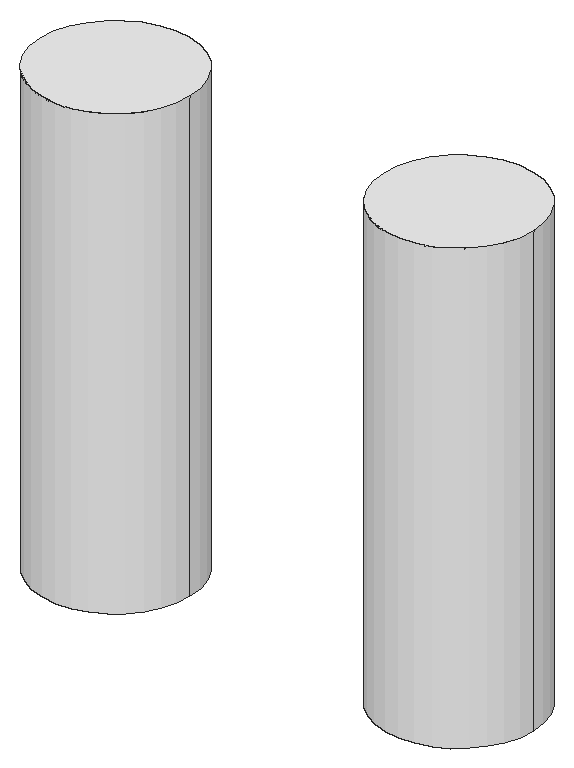
Revit family "92031129(2023)", category Plumbing Fixtures, Revit 2020
Family settings
  Round Connector Dimension = Use Diameter
  Part Type = Normal
  OmniClass Number = 23.45.55.00
  OmniClass Title = Sanitary Faucets, Wastes
  Work Plane-Based = No
  Always vertical = Yes
  Cut with Voids When Loaded = No
  Shared = No
  Room Calculation Point = No
Parameters (values of type "92031129 Washbasin faucet, 230/9 V, Bluetooth")
  Working Pressure = "100 - 1000 kPa"
  WarrantyStartDate [instance] = "n/a"
  WarrantyGuarantorParts = "n/a"
  WarrantyGuarantorLabor = "n/a"
  WarrantyDurationUnit = "Year"
  WarrantyDurationParts = "n/a"
  WarrantyDurationLabor = "n/a"
  WarrantyDescription = "http://warranty.hansa.com"
  Warranty Information URL = "http://warranty.hansa.com"
  VersionDate = "01/06/2023"
  Version = "1"
  ValvePattern = "n/a"
  ValveOperation = "n/a"
  ValveMechanism = "n/a"
  Uniclass2015Reference = "Pr_40_20_87_96"
  Uniclass2015Description = "Washbasin manual water supply sets"
  Uniclass2 = "Pr_40_30_96_96"
  URL WEEE = "http://static.hansa.com/WEEE/92031129"
  URL UWL = "http://static.hansa.com/UWL/92031129"
  URL REACH = "http://static.hansa.com/doc/reach"
  URL Materials Declaration = "http://www.hansa.com/fileadmin/resources/183274_92031129_materialsdeclaration.pdf"
  URL EcoLabel Declaration = "http://static.hansa.com/doc/EcoLabel"
  URL EU Packaging Declaration = "http://static.hansa.com/doc/packaging"
  URL Declaration of SCIP = "http://static.hansa.com/doc/SCIP"
  URL Declaration of Conformity = "http://static.hansa.com/DoC/92031129"
  URL Declaration of Asbestos = "http://static.hansa.com/doc/asbestos"
  URL Declaration Of Performance (DOP) = "http://static.hansa.com/doc/DoP"
  URL = ""
  UNSPSC Class Number = "30181700 Faucets or taps"
  Type Comments = ""
  TestPressure = "n/a"
  Temperature Adjustments = "Adjustable hot water stop (included, retrofittable)"
  Technical DataSheet URL = "http://www.hansa.com/datasheet/92031129/en"
  TagNumber [instance] = "n/a"
  SustainabilityPerformance = "n/a"
  Surface treatment = "Chrome"
  Spout Type = "Fixed spout"
  Spout Projection = "123 mm"
  Size = "70x170x135 mm"
  Shape = "Sculptured"
  SerialNumber [instance] = "n/a"
  Sales Package dimensions (LxWxH) = "568 x 182 x 78"
  Revision = "n/a"
  ReplacementCost = "n/a"
  Protection Class = "IP 55 / transformer IP 20"
  ProductInformation = "n/a"
  Product URL = "http://static.hansa.com/92031129"
  Product Image URL = "http://static.hansa.com/image/92031129"
  Product Family = "HANSAELECTRA "
  Product Code = "92031129"
  OperatingMechanismMaterial = "n/a"
  Operating Voltage = 9 V
  Operating Distance = "20-130 mm (110/130/160 mm)"
  NominalWidth = 68.942 mm
  NominalHeight = 135.012 mm
  NominalDepth = 167.912 mm
  Noise Class = "I (ISO 3822) "
  Name_en = "92031129 Washbasin faucet, 230/9 V, Bluetooth"
  Name = "92031129 Washbasin faucet, 230/9 V, Bluetooth"
  NBSReference = "45-35-70/371"
  NBSDescription = "Water supply fittings for wash basins and troughs"
  Mounting Holes = "1 hole"
  ModelReference = "92031129"
  ModelNumber = "n/a"
  Model = "92031129 Washbasin faucet, 230/9 V, Bluetooth"
  Mobile Product Information URL = "http://mpi.hansa.com/92031129"
  Mechanical Parts = "Mixing valve for manual temperature control;Non-return valve(s);Litter filter(s)"
  Max. Hot Water Supply = 70 °C
  Max Flow Period = "2 min (1 - 1800 s)"
  Material = "Brass"
  Market = "International;Germany;Austria;Switzerland;Belgium;Italy"
  ManufacturerURL = "http://www.hansa.com"
  ManufacturerName = "HANSA"
  Manufacturer = "HANSA"
  Long Marketing = "Electra 92 series give you a clean classic design with beautiful round body flowing into round spout design with a clear design line framing the faucet design.\nA Classic design for any installation.\n\nKey Features\nAerator with Tilt function +/- 10° for more flexible installation\nNewest Sensor technology for better detection and operation comfort\nBluetooth technology for easy adjustment to personalize settings \nLow Pressure\nPower Plug"
  Lever Handle = "Temperature control handle"
  Keynote = ""
  InstallationDate [instance] = "n/a"
  Installation Type = "Deck mounted"
  InletConnectionSize = 10 mm
  IfcExportType = "FAUCET"  # constant formula
  IfcExportAs = "IfcValveType"  # constant formula
  Group = "Washbasin faucet"
  Grade = "n/a"
  FlowCoefficient = 0
  Flow Rate At 300kPa With Flow Controller = 0.08 L/s
  Flow Drawing URL = "http://static.hansa.com/flowchart/92031129"
  Finish = "Polished"
  Features = "Touchless;Plug transformer;Low pressure;Bluetooth®"
  FaucetMainMaterial = Brass
  FDV Document URL = "http://www.hansa.com/datasheet/92031129/en/fdv"
  ExpectedLife = "n/a"
  Electronic Parts = ";Power supply;Light indicated function(s)"
  Electrical Connection = "230 / 9 V"
  ETIM Class Number = "EC010340 Electronic tap"
  EN Standard = "EN 15091"
  EMC Directive = "2014/53/EU , 2011/65/EU"
  EAN Number = "4057304019364"
  DurationUnit = "Year"
  Dimension Drawing URL = "http://static.hansa.com/dimdrw/92031129"
  Description = ""
  DefaultElevation [instance] = 900 mm
  Default Elevation = 0 mm
  Constituents = "n/a"
  Connection Size = "G3/8"
  Connection = "Flexible inlet pipes"
  Color = "Chrome"
  CodePerformance = "n/a"
  CloseOffRating = 0
  Catalog Drawing URL = "http://static.hansa.com/catdrw/92031129"
  Brand = "HANSA"
  BodyMaterial = "Brass"
  Bluetooth = "5.x (D060576)"
  Barcode [instance] = "n/a"
  Backflow Prevention EN1717 = "AA"
  BIMObjectName = "92031129(2023)"
  Automatic Flush Period = "30 s (1-1800 s)"
  Automatic Flush Frequency = "off (off/1-120 h)"
  Author = "BIMStone"
  AssetType = "Fixed"
  AssetIdentifier [instance] = "n/a"
  Afterflow Period = "3 s (1-20 s)"
  Aerator = "Laminar stream"
  Advanced Features = "3S-installation system for safe and simple mounting"
  AccessibilityPerformance = "n/a"
  2D/3D/BIM Files URL = "http://static.hansa.com/bim/92031129"
Reference planes
  plane 1 "Center (Front/Back)": y = 0
  plane 2: z = 0
  plane 3 "Center (Left/Right)": x = 0
  plane 4: x = -27.96
  plane 5: z = 900
  plane 6: z = 870
  plane 7: y = -167.912
  plane 8: x = 27.96
  plane 9: z = 1035.012
  plane 10: x = 40.982
Forms (mm)
  Extrusion 1, solid, material "Brass" <- "FaucetMainMaterial"
    sketch origin (0, -2.393, 0) x (1, 0, 0) y (0, 1, 0)
      loop
        circle (-11.5, -22.5) r 5
      loop
        circle (11.5, -22.5) r 5
    from 870 to 900
Dimensions and locks
  "DefaultElevation": plane 5 to level
  locked: plane 5 to plane 6 at 30
  "NominalDepth": plane 7 to plane 1 "Center (Front/Back)"
  equal spacing: plane 4, plane 3 "Center (Left/Right)", plane 8
  "NominalHeight": plane 9 to plane 5
  locked: plane 8 to plane 10 at 13.022
  "NominalWidth": plane 4 to plane 10
  "InletConnectionSize": diameter of Extrusion 1 sketch curve  (x2)
  aligned and locked: level to plane 2
  aligned and locked: plane 5 to Extrusion 1
  aligned and locked: Extrusion 1 to plane 6
  aligned and locked: plane 1 "Center (Front/Back)" to nested 2
  aligned and locked: plane 3 "Center (Left/Right)" to nested 2
  aligned and locked: plane 3 "Center (Left/Right)" to nested 1
  aligned and locked: plane 1 "Center (Front/Back)" to nested 1
  aligned and locked: plane 5 to nested 2
Automatic sketch dimensions
  Extrusion 1 sketch curve to plane 3 "Center (Left/Right)" = 11.5 mm
  plane 3 "Center (Left/Right)" to Extrusion 1 sketch curve = 11.5 mm
  plane 1 "Center (Front/Back)" to Extrusion 1 sketch curve = 24.893 mm
  Extrusion 1 sketch curve to Extrusion 1 sketch curve = 0 mm
Nested families
  nested 1: "Symbol" at (0, 0, 0), type "Symbol", detail levels coarse
  nested 2: "92031129(2023)_Body" at (0, 0, 900), Material <- "FaucetMainMaterial", type "92031129(2023)_Body"
    with Material Brass
Connectors
  piping at (-11.5, -24.893, 870), diameter 10, driven by "InletConnectionSize"
    settings: on Extrusion 1, index 1, connector inside diameter 609.6 mm, connector length 0 mm, flow factor 0, pipe flow 0.2 L/s, pressure drop 0.0 Pa, fitting loss kfactor 0, connector angle 0.00°, fixture units 0, engagement length 0 mm, angle of deflection 0.00°, flow configuration 1, flow direction 1, fitting loss method 0, system type 19, joint type 0, gender type 0, connector reference index -1, connector utility 0, adjustable connector no, is connector primary yes, connector description ""
  piping at (11.5, -24.893, 870), diameter 10, driven by "InletConnectionSize"
    settings: on Extrusion 1, index 2, connector inside diameter 609.6 mm, connector length 0 mm, flow factor 0, pipe flow 0.2 L/s, pressure drop 0.0 Pa, fitting loss kfactor 0, connector angle 0.00°, fixture units 0, engagement length 0 mm, angle of deflection 0.00°, flow configuration 1, flow direction 1, fitting loss method 0, system type 20, joint type 0, gender type 0, connector reference index -1, connector utility 0, adjustable connector no, is connector primary no, connector description ""
Definition of nested family "Symbol"
  Reference planes
    plane 1: y = 0
    plane 2: x = 0
  Lines and regions (mm)
    detail lines
      curve 1: line (0, 0, 0) -> (0, -1.8, 0)
      curve 2: line (-0.4, -1.1, 0) -> (0.4, -1.1, 0)
      curve 3: line (-0.4, -1.4, 0) -> (0.4, -1.4, 0)
      curve 4: line (0.863, 0, 0) -> (-0.863, 0, 0)
      curve 5: circle (-1.163, 0, 0) r 0.3 normal (0, 0, -1)
      curve 6: circle (1.163, 0, 0) r 0.3 normal (0, 0, 1)
